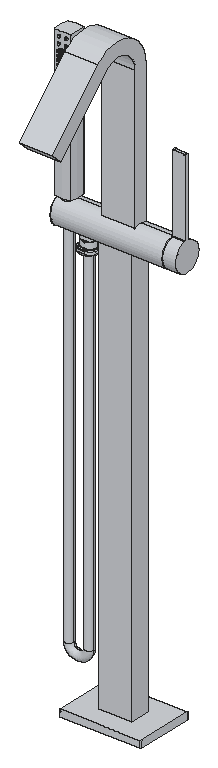
Revit family "Faucet-Bath_Filler-KOHLER-LOURE-K-8147T", category Plumbing Fixtures, host Face, Revit 2017
Family settings
  Host = Face
  Round Connector Dimension = Use Diameter
  Part Type = Normal
  OmniClass Number = 23.31.11.00
  OmniClass Title = Faucets
  Cut with Voids When Loaded = No
  Shared = No
  Room Calculation Point = No
Parameters (values of type "CP- Polished chrome")
  Width = 7 127/128"  # constant formula
  WaterSense Certified = 1 = 0  # no
  Waste Water Outlet = "Waste Water Outlet"  # constant formula
  Waste Connection = 1 = 0  # no
  Vent Connection = 1 = 0  # no
  URL = "http://www.kohler.com.cn/"
  Type = 1
  Spout Reach = Length  # 6 147/256"
  Product Page URL = "https://www.kohler.com.cn/product/K-8147T-C4-CP/K-8147T-C4-CP/"
  Product Name = "LOURE"  # constant formula
  Product Documentation Link = "https://files.kohler.com.cn/pdfs/1532353622299_8147T-C4-CP%20安装说明书.pdf"
  Pressure = 72.519 psi  # constant formula
  Model = if(Type = 1, "K-8147T-C4-CP", "NA")  # "K-8147T-C4-CP"
  Material = "Metal construction"  # constant formula
  Master Format 2014 Name = "Residential Faucets, Supplies, and Trim"  # constant formula
  Master Format 2014 = "22 41 39"  # constant formula
  Manufacturer Address = "Kohler Beijing Office (100016)\n36-2-03-B, No. 88, Liuxiang Road, Beijing"  # constant formula
  Manufacturer = "KOHLER Co."  # constant formula
  Length = 6 147/256"  # constant formula
  Hot Water Inlet = "Hot Water Inlet"  # constant formula
  Height = 39 115/256"  # constant formula
  Handle Clearance = 5 53/64"  # constant formula
  HW Connection = 1 = 1  # yes
  Flow Rate = 0 GPM
  Finish = Kohler-Metal-CP-Polished_Chrome
  Environmental Product Declaration = ""
  Drain Included = 1 = 0  # no
  Description = "Floor Bath Shower Faucet"  # constant formula
  Default Elevation = 0"
  Declare Label = ""
  Date Modified = "09/08/2020"  # constant formula
  Date Created = "09/08/2020"  # constant formula
  Copyright = "Copyright KOHLER Co."  # constant formula
  Contact Us = "http://www.kohler.com.cn/contact/contact-us/"
  Cold Water Inlet = "Cold Water Inlet"  # constant formula
  CW Connection = 1 = 1  # yes
  Assembly Code = "D2010"
  ADA Compliant = 1 = 0  # no
Reference planes (in)
  plane 1 "Center (Front/Back)": y = 0
  plane 2: z = 0
  plane 3 "Center (Left/Right)": x = 0
  plane 4: y = 1.87008
  plane 5: y = -1.87008
  plane 6: x = 2.57874
  plane 7: x = -2.57874
  plane 8: x = 3.99606
  plane 9: x = -3.99612
  plane 10: x = -3.95669
  plane 11: x = -3.44494
  plane 12: y = -6.57422
  plane 13: x = -2.89376
  plane 14: y = 0.55118
  plane 15: y = -0.55118
  plane 16: z = 27.52058
  plane 17: z = 33.3487
  plane 18: z = 37.90641
  plane 19: z = 28.45759
  plane 20: z = 39.44922
  plane 21: x = -2.16535
  plane 22: through (0, -6.88259, 34.63643) normal (0, 0.7071, -0.7071)
  plane 23: z = 34.94422
Dimensions and locks (in)
  "Width": plane 9 to plane 8
  locked: plane 15 to plane 14 at 1.10236
  equal spacing: plane 15, plane 1 "Center (Front/Back)", plane 14
  equal spacing: plane 5, plane 1 "Center (Front/Back)", plane 4
  locked: plane 5 to plane 4 at 3.74016
  locked: plane 9 to plane 13 at 1.10236
  equal spacing: plane 9, plane 11, plane 13
  "Handle Clearance": plane 17 to plane 16
  locked: plane 18 to plane 19 at 9.44882
  locked: plane 10 to plane 8 at 7.95276
  locked: nested 1 to plane 21 at 2.16535
  "Height": level to plane 20
  locked: level to plane 23 at 34.94422
  "Length": plane 1 "Center (Front/Back)" to plane 12
  angle plane 12 to plane 22 = 45.00°
  aligned and locked: plane 2 to host face
  aligned and locked: level to host face
  aligned and locked: plane 1 "Center (Front/Back)" to nested 1
  aligned and locked: plane 3 "Center (Left/Right)" to nested 1
  aligned and locked: plane 4 to nested 1
  aligned and locked: plane 5 to nested 1
  aligned and locked: plane 6 to nested 1
  aligned and locked: plane 7 to nested 1
  aligned and locked: plane 8 to nested 1
  aligned and locked: plane 9 to nested 1
  aligned and locked: plane 10 to nested 1
  aligned and locked: plane 11 to nested 1
  aligned and locked: plane 12 to nested 1
  aligned and locked: plane 13 to nested 1
  aligned and locked: plane 14 to nested 1
  aligned and locked: plane 15 to nested 1
  aligned and locked: plane 16 to nested 1
  aligned and locked: plane 17 to nested 1
  aligned and locked: plane 18 to nested 1
  aligned and locked: plane 19 to nested 1
  aligned and locked: plane 20 to nested 1
  aligned and locked: plane 21 to nested 1
  aligned and locked: plane 22 to nested 1
  aligned and locked: plane 23 to nested 1
Automatic sketch dimensions
  host sketch curve to host sketch curve = 96"  (x2)
Nested families (in)
  nested 1: "K-8147T" at (0, 0, 0), type "K-8147T"
Connectors (in)
  piping at (-0.50681, 0, 0), diameter 0.5, driven by "Pressure", driven by "Flow Rate", driven by "HW Connection", driven by "Hot Water Inlet"
    settings: on nested 1, index 1, connector inside diameter 24", connector length 0", flow factor 0, pipe flow 0 GPM, pressure drop 72.519 psi, fitting loss kfactor 0, connector angle 0.00°, fixture units 0, engagement length 0", angle of deflection 0.00°, flow configuration 0, flow direction 1, fitting loss method 4, system type 19, joint type 0, gender type 0, connector reference index -1, connector utility 1, adjustable connector no, is connector primary yes, connector description "Hot Water Inlet"
  piping at (0.50681, 0, 0), diameter 0.5, driven by "Flow Rate", driven by "Pressure", driven by "CW Connection", driven by "Cold Water Inlet"
    settings: on nested 1, index 2, connector inside diameter 24", connector length 0", flow factor 0, pipe flow 0 GPM, pressure drop 72.519 psi, fitting loss kfactor 0, connector angle 0.00°, fixture units 0, engagement length 0", angle of deflection 0.00°, flow configuration 0, flow direction 1, fitting loss method 4, system type 20, joint type 0, gender type 0, connector reference index -1, connector utility 1, adjustable connector no, is connector primary no, connector description "Cold Water Inlet"
Definition of nested family "K-8147T"
  Parameters (values of type "K-8147T")
    Material = none
  Reference planes (in)
    plane 1 "Center (Front/Back)": y = 0
    plane 2: z = 0
    plane 3 "Center (Left/Right)": x = 0
    plane 4: x = -2.57874
    plane 5: x = 2.57874
    plane 6: y = 1.87008
    plane 7: y = -1.87008
    plane 8: z = 39.44991
    plane 9: through (0, -6.24221, 35.27681) normal (0, -0.7071, 0.7071)
    plane 10: z = 34.94422
    plane 11: z = 27.52058
    plane 12: y = -6.5748
    plane 13: z = 28.45759
    plane 14: z = 37.90641
    plane 15: y = 0.55118
    plane 16: y = -0.55118
    plane 17 "1": x = -3.44488
    plane 18: z = 33.34735
    plane 19: x = -2.16535
    plane 20: x = 3.99606
    plane 21: x = -3.95669
    plane 22: through (0, -6.5748, 34.94422) normal (0, 0.7071, 0.7071)
    plane 23: x = -3.99606
    plane 24: x = -2.8937
    plane 25: x = 3.99606
    plane 26: x = 2.8937
  Forms (in)
    SweptBlend 1, solid, material <- "Material", detail levels medium+fine
      path origin (0, 0, 0) x (1, 0, 0) y (0, 0, 1)
        loop
          line (0, 0) -> (0, 0.43307)
      profile origin (0, 0, 0) x (-1, 0, 0) y (0, -1, 0)
        loop
          line (2.53937, 1.87008) -> (-2.53937, 1.87008)
          arc (-2.53937, 1.87008) -> (-2.56721, 1.85855) -> (-2.57874, 1.83071) r 0.03937
          line (-2.57874, 1.83071) -> (-2.57874, -1.83071)
          arc (-2.57874, -1.83071) -> (-2.56721, -1.85855) -> (-2.53937, -1.87008) r 0.03937
          line (-2.53937, -1.87008) -> (2.53937, -1.87008)
          arc (2.53937, -1.87008) -> (2.56721, -1.85855) -> (2.57874, -1.83071) r 0.03937
          line (2.57874, -1.83071) -> (2.57874, 1.83071)
          arc (2.57874, 1.83071) -> (2.56721, 1.85855) -> (2.53937, 1.87008) r 0.03937
      end profile origin (0, 0, 0.43307) x (-1, 0, 0) y (0, -1, 0)
        loop
          arc (2.56006, 1.81203) -> (2.54853, 1.83987) -> (2.52069, 1.8514) r 0.03937
          line (2.52069, 1.8514) -> (-2.52069, 1.8514)
          arc (-2.52069, 1.8514) -> (-2.54853, 1.83987) -> (-2.56006, 1.81203) r 0.03937
          line (-2.56006, 1.81203) -> (-2.56006, -1.81203)
          arc (-2.56006, -1.81203) -> (-2.54853, -1.83987) -> (-2.52069, -1.8514) r 0.03937
          line (-2.52069, -1.8514) -> (2.52069, -1.8514)
          arc (2.52069, -1.8514) -> (2.54853, -1.83987) -> (2.56006, -1.81203) r 0.03937
          line (2.56006, -1.81203) -> (2.56006, 1.81203)
    Sweep 2, solid, material <- "Material"
      path origin (0, 0, 0) x (0, 1, 0) y (0, 0, 1)
        loop
          line (0.43307, 27.52058) -> (0.43307, 37.24736)
          arc (0.43307, 37.24736) -> (-0.92733, 39.28336) -> (-3.32895, 38.80564) r 2.20374
          line (-3.32895, 38.80564) -> (-6.88259, 35.252)
      profile origin (0, 0.43307, 32.38397) x (0, -1, 0) y (1, 0, 0)
        loop
          line (0, -1.04331) -> (0.86614, -1.04331) -> (0.86614, 1.04331) -> (0, 1.04331) -> (0, -1.04331)
    Extrusion 3, solid, material <- "Material"
      sketch origin (0, 0, 0) x (0, 1, 0) y (0, 0, 1)
        loop
          line (0.62992, 0.43307) -> (0.62992, 26.93712) -> (-0.62992, 26.93712) -> (-0.62992, 0.43307) -> (0.62992, 0.43307)
      from -1.04331 to 1.04331
    Revolve 4, solid, material <- "Material", detail levels medium+fine
      sketch origin (0, 0, 0) x (1, 0, 0) y (0, 0, 1)
        loop
          line (3.19927, 27.52058) -> (3.19927, 28.39489) -> (3.14961, 28.39489) -> (3.14961, 28.42609) -> (-3.89764, 28.42609)
          arc (-3.89764, 28.42609) -> (-3.9394, 28.40879) -> (-3.95669, 28.36704) r 0.05906
          line (-3.95669, 28.36704) -> (-3.95669, 27.52058) -> (3.19927, 27.52058)
        axis (3.19927, 27.52058) -> (-3.95669, 27.52058)
      angle from 0 to 360
    Extrusion 5, solid, material <- "Material", detail levels medium+fine
      sketch origin (0, 0, 0) x (0, 1, 0) y (0, 0, 1)
        loop
          arc (-0.13205, 28.41643) -> (0, 26.61505) -> (0.13205, 28.41643) r 0.90553
          arc (0.13205, 28.41643) -> (0.108, 28.42965) -> (0.09843, 28.45537) r 0.03937
          line (0.09843, 28.45537) -> (0.09843, 33.32767)
          arc (0.09843, 33.32767) -> (0.09266, 33.34159) -> (0.07874, 33.34735) r 0.01969
          line (0.07874, 33.34735) -> (-0.07874, 33.34735)
          arc (-0.07874, 33.34735) -> (-0.09266, 33.34159) -> (-0.09843, 33.32767) r 0.01969
          line (-0.09843, 33.32767) -> (-0.09843, 28.45537)
          arc (-0.09843, 28.45537) -> (-0.108, 28.42965) -> (-0.13205, 28.41643) r 0.03937
      from 3.16929 to 3.99606
    Extrusion 6, void
      sketch origin (0, 0, 0) x (1, 0, 0) y (0, 1, 0)
        loop
          line (-3.73195, 0.31496) -> (-4.04335, 0.31496) -> (-4.04335, -0.31496) -> (-3.73182, -0.31496)
          arc (-3.73182, -0.31496) -> (-3.71015, -0.31908) -> (-3.69151, -0.33085) r 0.05906
          arc (-3.69151, -0.33085) -> (-2.92975, 0.00014) -> (-3.69163, 0.33087) r 0.45276
          arc (-3.69163, 0.33087) -> (-3.71027, 0.31908) -> (-3.73195, 0.31496) r 0.05906
      from 26.48908 to 28.67082
    Revolve 7, solid, material <- "Material", detail levels medium+fine
      sketch origin (0, 0, 0) x (1, 0, 0) y (0, 0, 1)
        loop
          line (-2.66929, 26.43331) -> (-2.66929, 26.09079)
          arc (-2.66929, 26.09079) -> (-2.67602, 26.06877) -> (-2.69391, 26.05428) r 0.03937
          line (-2.69391, 26.05428) -> (-2.77651, 26.02091)
          arc (-2.77651, 26.02091) -> (-2.7944, 26.00643) -> (-2.80113, 25.98441) r 0.03937
          line (-2.80113, 25.98441) -> (-2.80113, 25.8152)
          arc (-2.80113, 25.8152) -> (-2.7896, 25.78736) -> (-2.76176, 25.77583) r 0.03937
          line (-2.76176, 25.77583) -> (-2.16535, 25.77583) -> (-2.16535, 26.83242) -> (-2.66929, 26.83242) -> (-2.66929, 26.50877) -> (-2.64498, 26.48908) -> (-2.60438, 26.48908) -> (-2.60438, 26.43331) -> (-2.66929, 26.43331)
        axis (-2.16535, 26.83242) -> (-2.16535, 25.77583)
      angle from 0 to 360
    Extrusion 8, solid, material <- "Material", detail levels medium+fine
      sketch origin (0, 0, 0) x (1, 0, 0) y (0, 1, 0)
        loop
          arc (-3.93341, 0.51516) -> (-3.95106, 0.50628) -> (-3.95995, 0.48863) r 0.0315
          arc (-3.95995, 0.48863) -> (-3.99606, 0) -> (-3.95994, -0.48863) r 3.32324
          arc (-3.95994, -0.48863) -> (-3.95105, -0.50628) -> (-3.93341, -0.51516) r 0.0315
          arc (-3.93341, -0.51516) -> (-3.44488, -0.55118) -> (-2.95635, -0.51513) r 3.32924
          arc (-2.95635, -0.51513) -> (-2.9387, -0.50625) -> (-2.92982, -0.4886) r 0.0315
          arc (-2.92982, -0.4886) -> (-2.8937, 0) -> (-2.92981, 0.4886) r 3.32324
          arc (-2.92981, 0.4886) -> (-2.9387, 0.50625) -> (-2.95634, 0.51513) r 0.0315
          arc (-2.95634, 0.51513) -> (-3.44488, 0.55118) -> (-3.93341, 0.51516) r 3.32924
      from 28.45759 to 37.90641
    Revolve 9, solid, material <- "Material", detail levels medium+fine
      sketch origin (-3.44488, 0, 0) x (0, 0, 1) y (0, 1, 0)
        loop
          line (28.45759, 0.42076) -> (28.42019, 0.42076) -> (28.42019, 0.45275) -> (27.26738, 0.40464)
          arc (27.26738, 0.40464) -> (27.2473, 0.39558) -> (27.23908, 0.37514) r 0.02953
          line (27.23908, 0.37514) -> (27.23908, 0.29527) -> (27.19578, 0.29527) -> (27.19578, 0) -> (28.45759, 0) -> (28.45759, 0.42076)
        axis (28.45759, 0) -> (27.19578, 0)
      angle from 0 to 360
    Sweep 10, solid, material <- "Material"
      path origin (0, 0, 0) x (1, 0, 0) y (0, 0, 1)
        loop
          line (-2.16535, 25.77583) -> (-2.16535, 3.1969)
          arc (-2.16535, 3.1969) -> (-2.80512, 2.55713) -> (-3.44488, 3.1969) r 0.63976
          line (-3.44488, 3.1969) -> (-3.44488, 27.40476)
      profile origin (-2.16535, 0, 14.48636) x (0, -1, 0) y (1, 0, 0)
        loop
          circle (0, 0) r 0.27559
    Revolve 11, solid, material <- "Material", detail levels medium+fine
      sketch origin (-3.44488, 0, 0) x (0, 0, 1) y (0, 1, 0)
        loop
          line (33.11677, -0.65356) -> (33.37132, -0.65356)
          arc (33.37132, -0.65356) -> (33.38588, -0.6476) -> (33.3921, -0.63314) r 0.02078
          line (33.3921, -0.63314) -> (33.39417, -0.514) -> (33.11677, -0.514) -> (33.11677, -0.65356)
        axis (33.11677, -0.514) -> (33.11677, -0.65356)
      angle from 0 to 360
    Extrusion 12, void
      sketch origin (0, 0, 0) x (1, 0, 0) y (0, 0, 1)
        loop
          circle (-3.44488, 32.33078) r 0.30043
        loop
          circle (-3.44488, 32.33078) r 0.26575
      from 0.48414 to 0.57867
    Extrusion 13, solid, detail levels medium+fine
      sketch origin (0, 0, 0) x (1, 0, 0) y (0, 0, 1)
        loop
          line (-3.59055, 37.53042) -> (-3.59055, 37.58554)
          arc (-3.59055, 37.58554) -> (-3.72497, 37.64122) -> (-3.66929, 37.5068) r 0.07874
          line (-3.66929, 37.5068) -> (-3.61417, 37.5068)
          arc (-3.61417, 37.5068) -> (-3.59747, 37.51372) -> (-3.59055, 37.53042) r 0.02362
        loop
          line (-3.61417, 37.21546) -> (-3.66929, 37.21546)
          arc (-3.66929, 37.21546) -> (-3.72497, 37.08104) -> (-3.59055, 37.13672) r 0.07874
          line (-3.59055, 37.13672) -> (-3.59055, 37.19184)
          arc (-3.59055, 37.19184) -> (-3.59747, 37.20854) -> (-3.61417, 37.21546) r 0.02362
        loop
          arc (-3.29921, 37.53042) -> (-3.29229, 37.51372) -> (-3.27559, 37.5068) r 0.02362
          line (-3.27559, 37.5068) -> (-3.22047, 37.5068)
          arc (-3.22047, 37.5068) -> (-3.16479, 37.64122) -> (-3.29921, 37.58554) r 0.07874
          line (-3.29921, 37.58554) -> (-3.29921, 37.53042)
        loop
          arc (-3.27559, 37.21546) -> (-3.29229, 37.20854) -> (-3.29921, 37.19184) r 0.02362
          line (-3.29921, 37.19184) -> (-3.29921, 37.13672)
          arc (-3.29921, 37.13672) -> (-3.16479, 37.08104) -> (-3.22047, 37.21546) r 0.07874
          line (-3.22047, 37.21546) -> (-3.27559, 37.21546)
        loop
          circle (-3.22047, 37.58554) r 0.03937
        loop
          circle (-3.66929, 37.58554) r 0.03937
        loop
          circle (-3.22047, 37.13672) r 0.03937
        loop
          circle (-3.66929, 37.13672) r 0.03937
      from 0.51682 to 0.55984
    Extrusion 14, solid, detail levels medium+fine
      sketch origin (0, 0, 0) x (1, 0, 0) y (0, 0, 1)
        loop
          circle (-3.32813, 36.86687) r 0.05906
        loop
          circle (-3.32813, 36.86687) r 0.02559
        loop
          circle (-3.2025, 36.7456) r 0.05906
        loop
          circle (-3.2025, 36.7456) r 0.02559
        loop
          circle (-3.44488, 36.74595) r 0.05906
        loop
          circle (-3.44488, 36.74595) r 0.02559
        loop
          circle (-3.56163, 36.86687) r 0.05906
        loop
          circle (-3.56163, 36.86687) r 0.02559
        loop
          circle (-3.68726, 36.7456) r 0.05906
        loop
          circle (-3.68726, 36.7456) r 0.02559
        loop
          circle (-3.32813, 36.61485) r 0.05906
        loop
          circle (-3.32813, 36.61485) r 0.02559
        loop
          circle (-3.2025, 36.49358) r 0.05906
        loop
          circle (-3.2025, 36.49358) r 0.02559
        loop
          circle (-3.44488, 36.49393) r 0.05906
        loop
          circle (-3.44488, 36.49393) r 0.02559
        loop
          circle (-3.56163, 36.61485) r 0.05906
        loop
          circle (-3.56163, 36.61485) r 0.02559
        loop
          circle (-3.68726, 36.49358) r 0.05906
        loop
          circle (-3.68726, 36.49358) r 0.02559
        loop
          circle (-3.32813, 36.35893) r 0.05906
        loop
          circle (-3.32813, 36.35893) r 0.02559
        loop
          circle (-3.2025, 36.23766) r 0.05906
        loop
          circle (-3.2025, 36.23766) r 0.02559
        loop
          circle (-3.44488, 36.23801) r 0.05906
        loop
          circle (-3.44488, 36.23801) r 0.02559
        loop
          circle (-3.56163, 36.35893) r 0.05906
        loop
          circle (-3.56163, 36.35893) r 0.02559
        loop
          circle (-3.68726, 36.23766) r 0.05906
        loop
          circle (-3.68726, 36.23766) r 0.02559
        loop
          circle (-3.32813, 36.10311) r 0.05906
        loop
          circle (-3.32813, 36.10311) r 0.02559
        loop
          circle (-3.2025, 35.98184) r 0.05906
        loop
          circle (-3.2025, 35.98184) r 0.02559
        loop
          circle (-3.44488, 35.98219) r 0.05906
        loop
          circle (-3.44488, 35.98219) r 0.02559
        loop
          circle (-3.56163, 36.10311) r 0.05906
        loop
          circle (-3.56163, 36.10311) r 0.02559
        loop
          circle (-3.68726, 35.98184) r 0.05906
        loop
          circle (-3.68726, 35.98184) r 0.02559
        loop
          circle (-3.32813, 35.84778) r 0.05906
        loop
          circle (-3.32813, 35.84778) r 0.02559
        loop
          circle (-3.2025, 35.72651) r 0.05906
        loop
          circle (-3.2025, 35.72651) r 0.02559
        loop
          circle (-3.44488, 35.72687) r 0.05906
        loop
          circle (-3.44488, 35.72687) r 0.02559
        loop
          circle (-3.56163, 35.84778) r 0.05906
        loop
          circle (-3.56163, 35.84778) r 0.02559
        loop
          circle (-3.68726, 35.72651) r 0.05906
        loop
          circle (-3.68726, 35.72651) r 0.02559
        loop
          circle (-3.32813, 35.59163) r 0.05906
        loop
          circle (-3.32813, 35.59163) r 0.02559
        loop
          circle (-3.2025, 35.47036) r 0.05906
        loop
          circle (-3.2025, 35.47036) r 0.02559
        loop
          circle (-3.44488, 35.47072) r 0.05906
        loop
          circle (-3.44488, 35.47072) r 0.02559
        loop
          circle (-3.56163, 35.59163) r 0.05906
        loop
          circle (-3.56163, 35.59163) r 0.02559
        loop
          circle (-3.68726, 35.47036) r 0.05906
        loop
          circle (-3.68726, 35.47036) r 0.02559
        loop
          circle (-3.32813, 35.33488) r 0.05906
        loop
          circle (-3.32813, 35.33488) r 0.02559
        loop
          circle (-3.2025, 35.21362) r 0.05906
        loop
          circle (-3.2025, 35.21362) r 0.02559
        loop
          circle (-3.44488, 35.21397) r 0.05906
        loop
          circle (-3.44488, 35.21397) r 0.02559
        loop
          circle (-3.56163, 35.33488) r 0.05906
        loop
          circle (-3.56163, 35.33488) r 0.02559
        loop
          circle (-3.68726, 35.21362) r 0.05906
        loop
          circle (-3.68726, 35.21362) r 0.02559
        loop
          circle (-3.32813, 35.07656) r 0.05906
        loop
          circle (-3.32813, 35.07656) r 0.02559
        loop
          circle (-3.2025, 34.9553) r 0.05906
        loop
          circle (-3.2025, 34.9553) r 0.02559
        loop
          circle (-3.44488, 34.95565) r 0.05906
        loop
          circle (-3.44488, 34.95565) r 0.02559
        loop
          circle (-3.56163, 35.07656) r 0.05906
        loop
          circle (-3.56163, 35.07656) r 0.02559
        loop
          circle (-3.68726, 34.9553) r 0.05906
        loop
          circle (-3.68726, 34.9553) r 0.02559
        loop
          circle (-3.32813, 34.81975) r 0.05906
        loop
          circle (-3.32813, 34.81975) r 0.02559
        loop
          circle (-3.2025, 34.69848) r 0.05906
        loop
          circle (-3.2025, 34.69848) r 0.02559
        loop
          circle (-3.44488, 34.69883) r 0.05906
        loop
          circle (-3.44488, 34.69883) r 0.02559
        loop
          circle (-3.56163, 34.81975) r 0.05906
        loop
          circle (-3.56163, 34.81975) r 0.02559
        loop
          circle (-3.68726, 34.69848) r 0.05906
        loop
          circle (-3.68726, 34.69848) r 0.02559
        loop
          circle (-3.32813, 34.5638) r 0.05906
        loop
          circle (-3.32813, 34.5638) r 0.02559
        loop
          circle (-3.2025, 34.44253) r 0.05906
        loop
          circle (-3.2025, 34.44253) r 0.02559
        loop
          circle (-3.44488, 34.44289) r 0.05906
        loop
          circle (-3.44488, 34.44289) r 0.02559
        loop
          circle (-3.56163, 34.5638) r 0.05906
        loop
          circle (-3.56163, 34.5638) r 0.02559
        loop
          circle (-3.68726, 34.44253) r 0.05906
        loop
          circle (-3.68726, 34.44253) r 0.02559
        loop
          circle (-3.32813, 34.30959) r 0.05906
        loop
          circle (-3.32813, 34.30959) r 0.02559
        loop
          circle (-3.2025, 34.18833) r 0.05906
        loop
          circle (-3.2025, 34.18833) r 0.02559
        loop
          circle (-3.44488, 34.18868) r 0.05906
        loop
          circle (-3.44488, 34.18868) r 0.02559
        loop
          circle (-3.56163, 34.30959) r 0.05906
        loop
          circle (-3.56163, 34.30959) r 0.02559
        loop
          circle (-3.68726, 34.18833) r 0.05906
        loop
          circle (-3.68726, 34.18833) r 0.02559
        loop
          circle (-3.32086, 34.06101) r 0.05906
        loop
          circle (-3.32086, 34.06101) r 0.02559
        loop
          circle (-3.56891, 34.06101) r 0.05906
        loop
          circle (-3.56891, 34.06101) r 0.02559
      from 0.48414 to 0.60421
    Extrusion 15, solid, material <- "Material", detail levels coarse
      sketch origin (0, 0, 0) x (1, 0, 0) y (0, 1, 0)
        loop
          line (-2.57874, 1.87008) -> (-2.57874, -1.87008) -> (2.57874, -1.87008) -> (2.57874, 1.87008) -> (-2.57874, 1.87008)
      from 0 to 0.43307
    Revolve 16, solid, material <- "Material", detail levels coarse
      sketch origin (0, 0, 0) x (1, 0, 0) y (0, 0, 1)
        loop
          line (3.99606, 26.61505) -> (3.99606, 27.52058) -> (-3.95669, 27.52058) -> (-3.95669, 26.61505) -> (3.99606, 26.61505)
        axis (3.99606, 27.52058) -> (-3.95669, 27.52058)
      angle from 0 to 360
    Extrusion 17, solid, material <- "Material", detail levels coarse
      sketch origin (0, 0, 0) x (0, 1, 0) y (0, 0, 1)
        loop
          line (-0.09843, 33.34735) -> (-0.09843, 28.39202) -> (0.09843, 28.39202) -> (0.09843, 33.34735) -> (-0.09843, 33.34735)
      from 3.16929 to 3.99606
    Revolve 18, solid, material <- "Material", detail levels coarse
      sketch origin (0, 0, 0) x (1, 0, 0) y (0, 0, 1)
        loop
          line (-2.16535, 26.78146) -> (-2.16535, 25.77701) -> (-1.52723, 25.77701) -> (-1.52723, 26.78146) -> (-2.16535, 26.78146)
        axis (-2.16535, 25.77701) -> (-2.16535, 26.78146)
      angle from 0 to 360
    Extrusion 19, solid, material <- "Material", detail levels coarse
      sketch origin (0, 0, 0) x (1, 0, 0) y (0, 1, 0)
        loop
          circle (-3.44488, 0) r 0.43307
      from 27.19578 to 28.45759
    Extrusion 20, solid, material <- "Material", detail levels coarse
      sketch origin (0, 0, 0) x (1, 0, 0) y (0, 1, 0)
        loop
          line (-3.99606, 0.55118) -> (-3.99606, -0.55118) -> (-2.8937, -0.55118) -> (-2.8937, 0.55118) -> (-3.99606, 0.55118)
      from 28.45759 to 37.90641
    Extrusion 21, solid, material <- "Material", detail levels coarse
      sketch origin (0, 0, 0) x (1, 0, 0) y (0, 0, 1)
        loop
          spline (-3.44488, 33.39353) -> (-3.51693, 33.38396) -> (-3.58324, 33.35644) -> (-3.64076, 33.31234) -> (-3.68459, 33.25537) -> (-3.7124, 33.18821) -> (-3.72176, 33.11681) -> (-3.71234, 33.04508) -> (-3.68468, 32.97829) -> (-3.64059, 32.92101) -> (-3.58325, 32.87712) -> (-3.51684, 32.84949) -> (-3.44488, 32.84)
          spline (-3.44488, 32.84) -> (-3.37284, 32.84957) -> (-3.30659, 32.87704) -> (-3.24908, 32.92112) -> (-3.20519, 32.97814) -> (-3.17738, 33.04526) -> (-3.16801, 33.11665) -> (-3.17741, 33.18839) -> (-3.20507, 33.25522) -> (-3.24909, 33.31245) -> (-3.30645, 33.35636) -> (-3.37284, 33.38399) -> (-3.44488, 33.39353)
      from 0.55118 to 0.65431
    Extrusion 22, solid, material <- "Material"
      sketch origin (0, 0, 0) x (1, 0, 0) y (0, 1, 0)
        loop
          circle (-0.50681, 0) r 0.15748
        loop
          circle (0.50681, 0) r 0.15748
      from 0 to 0.31734
  Cuts and joins
    Extrusion 6 cuts Revolve 4
    joined: SweptBlend 1, Revolve 4, Extrusion 5, Revolve 7
    joined: Extrusion 13, Extrusion 14
    joined: Sweep 2, Extrusion 3, Sweep 10
    Extrusion 12 cuts Extrusion 8
    joined: Extrusion 8, Revolve 11
    Extrusion 6 cuts Revolve 16
    joined: Extrusion 15, Revolve 16, Extrusion 17, Revolve 18, Extrusion 19, Extrusion 20, Extrusion 21
  Lines and regions (in)
    Masking region 1
      outline origin (0, 0, 0) x (1, 0, 0) y (0, 1, 0)
        loop
          arc (2.57874, 1.83071) -> (2.56721, 1.85855) -> (2.53937, 1.87008) r 0.03937
          line (2.53937, 1.87008) -> (0, 1.87008) -> (-2.53937, 1.87008)
          arc (-2.53937, 1.87008) -> (-2.56721, 1.85855) -> (-2.57874, 1.83071) r 0.03937
          line (-2.57874, 1.83071) -> (-2.57874, 0.90551) -> (-3.93583, 0.90551)
          arc (-3.93583, 0.90551) -> (-3.95058, 0.8994) -> (-3.95669, 0.88465) r 0.02087
          line (-3.95669, 0.88465) -> (-3.95669, 0.51004)
          arc (-3.95669, 0.51004) -> (-3.99606, 0.00002) -> (-3.95669, -0.51) r 3.32324
          line (-3.95669, -0.51) -> (-3.95669, -0.88465)
          arc (-3.95669, -0.88465) -> (-3.95058, -0.8994) -> (-3.93583, -0.90551) r 0.02087
          line (-3.93583, -0.90551) -> (-2.57874, -0.90551) -> (-2.57874, -1.83071)
          arc (-2.57874, -1.83071) -> (-2.56721, -1.85855) -> (-2.53937, -1.87008) r 0.03937
          line (-2.53937, -1.87008) -> (-1.04331, -1.87008) -> (-1.04331, -6.88259) -> (1.04331, -6.88259) -> (1.04331, -1.87008) -> (2.53937, -1.87008)
          arc (2.53937, -1.87008) -> (2.56721, -1.85855) -> (2.57874, -1.83071) r 0.03937
          line (2.57874, -1.83071) -> (2.57874, -0.90551) -> (3.14961, -0.90551) -> (3.16929, -0.87431) -> (3.16929, -0.90553) -> (3.9752, -0.90553)
          arc (3.9752, -0.90553) -> (3.98995, -0.89942) -> (3.99606, -0.88466) r 0.02087
          line (3.99606, -0.88466) -> (3.99606, 0) -> (3.99606, 0.88466)
          arc (3.99606, 0.88466) -> (3.98995, 0.89942) -> (3.9752, 0.90553) r 0.02087
          line (3.9752, 0.90553) -> (3.16929, 0.90553) -> (3.16929, 0.87431) -> (3.14961, 0.90551) -> (2.57874, 0.90551) -> (2.57874, 1.83071)
    Masking region 2
      outline origin (0, 0, 0) x (1, 0, 0) y (0, 0, 1)
        loop
          line (1.04331, 28.42609) -> (1.04331, 39.4511) -> (-1.04331, 39.4511) -> (-1.04331, 28.42609) -> (-3.02412, 28.42609) -> (-3.02412, 28.45759) -> (-2.8937, 28.45759) -> (-2.8937, 37.90641) -> (-3.99606, 37.90641) -> (-3.99606, 28.45759) -> (-3.86557, 28.45759) -> (-3.86557, 28.42019) -> (-3.89763, 28.42019) -> (-3.89578, 28.36717)
          arc (-3.89578, 28.36717) -> (-3.93885, 28.34933) -> (-3.95669, 28.30626) r 0.06091
          line (-3.95669, 28.30626) -> (-3.95669, 26.7349)
          arc (-3.95669, 26.7349) -> (-3.94134, 26.69221) -> (-3.90101, 26.67161) r 0.0612
          line (-3.90101, 26.67161) -> (-3.72047, 26.67161) -> (-3.72047, 3.19659)
          arc (-3.72047, 3.19659) -> (-2.80512, 2.28124) -> (-1.88976, 3.19659) r 0.91535
          line (-1.88976, 3.19659) -> (-1.88976, 25.77583) -> (-1.56894, 25.77583)
          arc (-1.56894, 25.77583) -> (-1.5411, 25.78736) -> (-1.52957, 25.8152) r 0.03937
          line (-1.52957, 25.8152) -> (-1.52957, 25.98441)
          arc (-1.52957, 25.98441) -> (-1.5363, 26.00642) -> (-1.5542, 26.02091) r 0.03937
          line (-1.5542, 26.02091) -> (-1.6368, 26.05428)
          arc (-1.6368, 26.05428) -> (-1.65469, 26.06877) -> (-1.66142, 26.09079) r 0.03937
          line (-1.66142, 26.09079) -> (-1.66142, 26.43331) -> (-1.72632, 26.43331) -> (-1.72632, 26.48908) -> (-1.68573, 26.48908) -> (-1.66142, 26.50877) -> (-1.66142, 26.61507) -> (-1.04331, 26.61507) -> (-1.04331, 0.43307) -> (-2.52235, 0.43307)
          arc (-2.52235, 0.43307) -> (-2.54958, 0.42213) -> (-2.56168, 0.3954) r 0.03937
          line (-2.56168, 0.3954) -> (-2.57874, 0) -> (2.57874, 0) -> (2.56168, 0.3954)
          arc (2.56168, 0.3954) -> (2.54958, 0.42213) -> (2.52235, 0.43307) r 0.03937
          line (2.52235, 0.43307) -> (1.04331, 0.43307) -> (1.04331, 26.61507) -> (3.14961, 26.61507) -> (3.16929, 26.64627) -> (3.16929, 26.61505) -> (3.5152, 26.61505)
          arc (3.5152, 26.61505) -> (3.59073, 26.5786) -> (3.66626, 26.61505) r 0.09647
          line (3.66626, 26.61505) -> (3.97244, 26.61505)
          arc (3.97244, 26.61505) -> (3.98914, 26.62197) -> (3.99606, 26.63867) r 0.02362
          line (3.99606, 26.63867) -> (3.99606, 33.2883)
          arc (3.99606, 33.2883) -> (3.97877, 33.33005) -> (3.93701, 33.34735) r 0.05906
          line (3.93701, 33.34735) -> (3.22835, 33.34735)
          arc (3.22835, 33.34735) -> (3.18659, 33.33005) -> (3.16929, 33.2883) r 0.05906
          line (3.16929, 33.2883) -> (3.16929, 28.39489) -> (3.14961, 28.42609) -> (1.04331, 28.42609)
        loop
          line (-3.16929, 26.66955) -> (-3.16929, 3.19693)
          arc (-3.16929, 3.19693) -> (-2.80512, 2.83275) -> (-2.44094, 3.19693) r 0.36417
          line (-2.44094, 3.19693) -> (-2.44094, 25.77583) -> (-2.76177, 25.77583)
          arc (-2.76177, 25.77583) -> (-2.7896, 25.78736) -> (-2.80114, 25.8152) r 0.03937
          line (-2.80114, 25.8152) -> (-2.80114, 25.98441)
          arc (-2.80114, 25.98441) -> (-2.7944, 26.00642) -> (-2.77651, 26.02091) r 0.03937
          line (-2.77651, 26.02091) -> (-2.69391, 26.05428)
          arc (-2.69391, 26.05428) -> (-2.67602, 26.06877) -> (-2.66929, 26.09079) r 0.03937
          line (-2.66929, 26.09079) -> (-2.66929, 26.43331) -> (-2.60438, 26.43331) -> (-2.60438, 26.48908) -> (-2.64498, 26.48908) -> (-2.66929, 26.50877) -> (-2.66929, 26.61507) -> (-3.02986, 26.61507)
          arc (-3.02986, 26.61507) -> (-3.09865, 26.64467) -> (-3.16929, 26.66955) r 1.10494
    Masking region 3
      outline origin (-3.44488, 0, 0) x (0, 0, 1) y (0, 1, 0)
        loop
          line (35.252, -6.88259) -> (38.80564, -3.32895)
          arc (38.80564, -3.32895) -> (39.3875, -1.24502) -> (37.90641, 0.33222) r 2.20374
          line (37.90641, 0.33222) -> (37.90641, 0.55118) -> (28.45759, 0.55118) -> (28.45759, 0.42076) -> (28.42019, 0.42076) -> (28.42019, 0.45275) -> (28.30761, 0.44782)
          arc (28.30761, 0.44782) -> (27.63438, 0.89833) -> (26.87008, 0.62992) r 0.90551
          line (26.87008, 0.62992) -> (26.01715, 0.62992) -> (25.98441, 0.63578) -> (25.8152, 0.63578) -> (25.78416, 0.62992) -> (0.43307, 0.62992) -> (0.43307, 1.81369)
          arc (0.43307, 1.81369) -> (0.42213, 1.84092) -> (0.3954, 1.85302) r 0.03937
          line (0.3954, 1.85302) -> (0, 1.87008) -> (0, -1.87008) -> (0.3954, -1.85302)
          arc (0.3954, -1.85302) -> (0.42213, -1.84092) -> (0.43307, -1.81369) r 0.03937
          line (0.43307, -1.81369) -> (0.43307, -0.62992) -> (25.78479, -0.62992) -> (25.8152, -0.63578) -> (25.98441, -0.63578) -> (26.01607, -0.62992) -> (26.87008, -0.62992)
          arc (26.87008, -0.62992) -> (27.63438, -0.89833) -> (28.30761, -0.44782) r 0.90551
          line (28.30761, -0.44782) -> (28.42019, -0.45275) -> (28.42019, -0.42076) -> (28.45759, -0.42076) -> (28.45759, -0.55118) -> (32.84, -0.55118) -> (32.84143, -0.63307)
          arc (32.84143, -0.63307) -> (32.84767, -0.64758) -> (32.86228, -0.65356) r 0.02085
          line (32.86228, -0.65356) -> (33.37118, -0.65356)
          arc (33.37118, -0.65356) -> (33.38584, -0.64756) -> (33.3921, -0.633) r 0.02092
          line (33.3921, -0.633) -> (33.39353, -0.55118) -> (37.79693, -0.55118)
          arc (37.79693, -0.55118) -> (38.56311, -1.52988) -> (38.19319, -2.71649) r 1.3376
          line (38.19319, -2.71649) -> (34.63955, -6.27013) -> (35.252, -6.88259)
    symbolic lines, detail levels medium+fine
      curve 1: line (2.52069, 1.8514, 0) -> (0.03837, 1.8514, 0)
      curve 2: arc (-2.52069, 1.8514, 0) -> (-2.54853, 1.83987, 0) -> (-2.56006, 1.81203, 0) r 0.03937
      curve 3: line (-2.56006, 1.81203, 0) -> (-2.56006, 0.90551, 0)
      curve 4: line (-2.52069, -1.8514, 0) -> (-1.04331, -1.8514, 0)
      curve 5: line (0.03837, 1.8514, 0) -> (-2.52069, 1.8514, 0)
      curve 6: line (-2.56006, -0.90551, 0) -> (-2.56006, -1.81203, 0)
      curve 7: arc (-2.56006, -1.81203, 0) -> (-2.54853, -1.83987, 0) -> (-2.52069, -1.8514, 0) r 0.03937
      curve 8: line (-2.52159, -1.83501, 0) -> (-1.04331, -1.83501, 0)
      curve 9: arc (-2.5422, -1.81439, 0) -> (-2.53616, -1.82897, 0) -> (-2.52159, -1.83501, 0) r 0.02061
      curve 10: line (-2.5422, -0.90551, 0) -> (-2.5422, -1.81439, 0)
      curve 11: line (-2.54195, 1.81203, 0) -> (-2.54195, 0.90551, 0)
      curve 12: arc (-2.52069, 1.83329, 0) -> (-2.53572, 1.82706, 0) -> (-2.54195, 1.81203, 0) r 0.02126
      curve 13: line (-0.04735, 1.83329, 0) -> (-2.52069, 1.83329, 0)
      curve 14: arc (2.52069, 1.8514, 0) -> (2.54853, 1.83987, 0) -> (2.56006, 1.81203, 0) r 0.03937
      curve 15: line (2.56006, 1.81203, 0) -> (2.56006, 0.90551, 0)
      curve 16: line (2.52069, -1.8514, 0) -> (1.04331, -1.8514, 0)
      curve 17: line (2.56006, -0.90551, 0) -> (2.56006, -1.81203, 0)
      curve 18: arc (2.56006, -1.81203, 0) -> (2.54853, -1.83987, 0) -> (2.52069, -1.8514, 0) r 0.03937
      curve 19: line (2.52159, -1.83501, 0) -> (1.04331, -1.83501, 0)
      curve 20: arc (2.5422, -1.81439, 0) -> (2.53616, -1.82897, 0) -> (2.52159, -1.83501, 0) r 0.02061
      curve 21: line (2.5422, -0.90551, 0) -> (2.5422, -1.81439, 0)
      curve 22: line (2.54195, 1.81203, 0) -> (2.54195, 0.90551, 0)
      curve 23: arc (2.52069, 1.83329, 0) -> (2.53572, 1.82706, 0) -> (2.54195, 1.81203, 0) r 0.02126
      curve 24: line (-0.04735, 1.83329, 0) -> (2.52069, 1.83329, 0)
      curve 25: arc (-2.95634, 0.51513, 0) -> (-3.44488, 0.55118, 0) -> (-3.93341, 0.51516, 0) r 3.32924
      curve 26: arc (-3.95995, 0.48863, 0) -> (-3.99606, 0, 0) -> (-3.95994, -0.48863, 0) r 3.32324
      curve 27: arc (-3.93341, 0.51516, 0) -> (-3.95106, 0.50628, 0) -> (-3.95995, 0.48863, 0) r 0.0315
      curve 28: arc (-2.92981, 0.4886, 0) -> (-2.9387, 0.50625, 0) -> (-2.95634, 0.51513, 0) r 0.0315
      curve 29: arc (-2.92982, -0.4886, 0) -> (-2.8937, 0, 0) -> (-2.92981, 0.4886, 0) r 3.32324
      curve 30: arc (-2.95635, -0.51513, 0) -> (-2.9387, -0.50625, 0) -> (-2.92982, -0.4886, 0) r 0.0315
      curve 31: arc (-3.93341, -0.51516, 0) -> (-3.44488, -0.55118, 0) -> (-2.95635, -0.51513, 0) r 3.32924
      curve 32: arc (-3.95994, -0.48863, 0) -> (-3.95105, -0.50628, 0) -> (-3.93341, -0.51516, 0) r 0.0315
      curve 33: line (-3.74632, -0.60421, 0) -> (-3.14345, -0.60421, 0)
      curve 34: line (-3.74632, -0.56384, 0) -> (-3.59055, -0.56384, 0)
      curve 35: line (-3.59055, -0.548, 0) -> (-3.59055, -0.56384, 0)
      curve 36: line (-3.62796, -0.60421, 0) -> (-3.62796, -0.56384, 0)
      curve 37: line (-3.62821, -0.60421, 0) -> (-3.62821, -0.56384, 0)
      curve 38: line (-3.62069, -0.60421, 0) -> (-3.62069, -0.56384, 0)
      curve 39: line (-3.74632, -0.60421, 0) -> (-3.74632, -0.53752, 0)
      curve 40: line (-3.14345, -0.56384, 0) -> (-3.29921, -0.56384, 0)
      curve 41: line (-3.29921, -0.54799, 0) -> (-3.29921, -0.56384, 0)
      curve 42: line (-3.2618, -0.60421, 0) -> (-3.2618, -0.56384, 0)
      curve 43: line (-3.26156, -0.60421, 0) -> (-3.26156, -0.56384, 0)
      curve 44: line (-3.26908, -0.60421, 0) -> (-3.26908, -0.56384, 0)
      curve 45: line (-3.14345, -0.60421, 0) -> (-3.14345, -0.5375, 0)
      curve 46: line (-3.72072, -0.60421, 0) -> (-3.72072, -0.63497, 0)
      curve 47: line (-3.44488, -0.65356, 0) -> (-3.70213, -0.65356, 0)
      curve 48: arc (-3.72072, -0.63497, 0) -> (-3.71527, -0.64811, 0) -> (-3.70213, -0.65356, 0) r 0.01859
      curve 49: line (-3.16905, -0.60421, 0) -> (-3.16905, -0.6327, 0)
      curve 50: line (-3.44488, -0.65356, 0) -> (-3.1899, -0.65356, 0)
      curve 51: arc (-3.1899, -0.65356, 0) -> (-3.17516, -0.64745, 0) -> (-3.16905, -0.6327, 0) r 0.02085
      curve 52: line (3.14961, 0.90551, 0) -> (-2.75591, 0.90551, 0)
      curve 53: line (3.14961, -0.90551, 0) -> (1.04331, -0.90551, 0)
      curve 54: line (-1.04331, -0.90551, 0) -> (-2.69187, -0.90551, 0)
      curve 55: line (1.04331, -2.71649, 0) -> (1.04331, 0.43307, 0)
      curve 56: line (1.04331, 0.43307, 0) -> (-1.04331, 0.43307, 0)
      curve 57: line (-1.04331, 0.43307, 0) -> (-1.04331, -2.51968, 0)
      curve 58: line (3.14961, 0, 0) -> (3.14961, -0.90551, 0)
      curve 59: line (3.16929, 0.90553, 0) -> (3.16929, -0.90553, 0)
      curve 60: line (3.14961, 0.90551, 0) -> (3.14961, 0, 0)
      curve 61: line (3.16929, 0.09843, 0) -> (3.99788, 0.09843, 0)
      curve 62: line (3.99606, -0.09843, 0) -> (3.16929, -0.09843, 0)
      curve 63: line (3.9748, 0.90553, 0) -> (3.9748, 0.09843, 0)
      curve 64: line (3.19695, 0.09843, 0) -> (3.19695, -0.09843, 0)
      curve 65: line (3.96939, 0.09843, 0) -> (3.96939, -0.09843, 0)
      curve 66: line (3.9748, -0.09843, 0) -> (3.9748, -0.90552, 0)
      curve 67: line (-1.04331, 0, 0.43307) -> (1.04331, 0, 0.43307)
      curve 68: line (-2.52069, 0, 0.43307) -> (-2.53937, 0, 0)
      curve 69: line (-2.56168, 0, 0.3954) -> (0, 0, 0.3954)
      curve 70: line (2.52069, 0, 0.43307) -> (2.53937, 0, 0)
      curve 71: line (2.56168, 0, 0.3954) -> (0, 0, 0.3954)
      curve 72: line (1.04331, 0, 35.252) -> (-1.04331, 0, 35.252)
      curve 73: line (-1.04331, 0, 34.63955) -> (1.04331, 0, 34.63955)
      curve 74: line (-0.95998, 0, 35.18836) -> (0.96915, 0, 35.18836)
      curve 75: line (-0.97967, 0, 34.72325) -> (-0.97967, 0, 35.16867)
      curve 76: line (0.96915, 0, 34.70357) -> (-0.95998, 0, 34.70357)
      curve 77: line (0.98884, 0, 35.16867) -> (0.98884, 0, 34.72325)
      curve 78: arc (0.96915, 0, 35.18836) -> (0.98307, 0, 35.18259) -> (0.98884, 0, 35.16867) r 0.01969
      curve 79: arc (-0.97967, 0, 35.16867) -> (-0.9739, 0, 35.18259) -> (-0.95998, 0, 35.18836) r 0.01969
      curve 80: arc (-0.97967, 0, 34.72325) -> (-0.9739, 0, 34.70933) -> (-0.95998, 0, 34.70357) r 0.01969
      curve 81: arc (0.98884, 0, 34.72325) -> (0.98307, 0, 34.70933) -> (0.96915, 0, 34.70357) r 0.01969
      curve 82: line (-1.04331, 0, 28.31728) -> (1.04331, 0, 28.31728)
      curve 83: line (-1.04331, 0, 26.86391) -> (1.04331, 0, 26.86391)
      curve 84: line (1.04331, 0, 26.86391) -> (1.04331, 0, 26.59203)
      curve 85: line (-1.04331, 0, 26.86391) -> (-1.04331, 0, 26.37545)
      curve 86: line (-1.04331, 0, 28.31728) -> (-1.04331, 0, 28.6031)
      curve 87: line (1.04331, 0, 28.31728) -> (1.04331, 0, 28.71098)
      curve 88: line (3.16929, 0, 28.41643) -> (3.99606, 0, 28.41643)
      curve 89: line (3.16929, 0, 28.45537) -> (4.00093, 0, 28.45537)
      curve 90: line (3.16929, 0, 33.34735) -> (3.16929, 0, 26.61505)
      curve 91: line (3.14961, 0, 28.42609) -> (3.14961, 0, 26.61507)
      curve 92: line (-1.66142, 0, 26.61507) -> (-2.66929, 0, 26.61507)
      curve 93: line (-2.64498, 0, 26.48908) -> (-1.68573, 0, 26.48908)
      curve 94: line (-1.66142, 0, 26.50877) -> (-2.66929, 0, 26.50877)
      curve 95: line (-2.66929, 0, 26.43331) -> (-1.66142, 0, 26.43331)
      curve 96: line (-2.66929, 0, 26.09637) -> (-1.66142, 0, 26.09637)
      curve 97: line (-2.69392, 0, 26.05428) -> (-1.6368, 0, 26.05428)
      curve 98: line (-2.77651, 0, 26.02091) -> (-1.5542, 0, 26.02091)
      curve 99: line (-2.80114, 0, 25.98441) -> (-1.52957, 0, 25.98441)
      curve 100: line (-2.80114, 0, 25.8152) -> (-1.52957, 0, 25.8152)
      curve 101: line (-2.44094, 0, 25.77583) -> (-1.88976, 0, 25.77583)
      curve 102: line (-3.69575, 0, 26.67627) -> (-3.02986, 0, 26.61507)
      curve 103: line (-3.90101, 0, 26.67161) -> (-3.72047, 0, 26.67161)
      curve 104: spline (-3.73134, 0, 26.67161) -> (-3.72812, 0, 26.67165) -> (-3.72491, 0, 26.67177) -> (-3.72172, 0, 26.67194) -> (-3.71857, 0, 26.67218) -> (-3.71546, 0, 26.67248) -> (-3.71241, 0, 26.67285) -> (-3.70942, 0, 26.67328) -> (-3.7065, 0, 26.67376) -> (-3.70366, 0, 26.67431) -> (-3.70092, 0, 26.67491) -> (-3.69828, 0, 26.67557) -> (-3.69575, 0, 26.67627)
      curve 105: line (3.97244, 0, 26.61505) -> (3.97244, 0, 33.33554)
      curve 106: line (-3.90101, 0, 26.67161) -> (-3.90101, 0, 28.36955)
      curve 107: line (-3.73182, 0, 28.36955) -> (-3.90101, 0, 28.36955)
      curve 108: line (-3.89763, 0, 28.42019) -> (-3.44488, 0, 28.42019)
      curve 109: line (-3.44488, 0, 28.42019) -> (-2.99697, 0, 28.42019)
      curve 110: arc (-3.73182, 0, 28.36955) -> (-3.35288, 0, 28.32878) -> (-2.98437, 0, 28.42603) r 1.04943
      curve 111: line (-3.99606, 0, 28.45759) -> (-2.8937, 0, 28.45759)
      curve 112: arc (3.5152, 0, 26.61505) -> (3.59073, 0, 26.62683) -> (3.66626, 0, 26.61505) r 0.24804
      curve 113: line (-3.93341, 0, 37.90641) -> (-3.93341, 0, 28.45759)
      curve 114: line (-3.95995, 0, 37.90641) -> (-3.95995, 0, 28.45759)
      curve 115: line (-2.95636, 0, 37.90641) -> (-2.95636, 0, 28.45759)
      curve 116: line (-2.92982, 0, 37.90641) -> (-2.92982, 0, 28.45759)
      curve 117: line (-3.02442, 0, 28.42019) -> (-3.02442, 0, 28.45759)
      curve 232: arc (-3.59055, 0, 37.58554) -> (-3.72497, 0, 37.64122) -> (-3.66929, 0, 37.5068) r 0.07874
      curve 233: line (-3.66929, 0, 37.5068) -> (-3.61417, 0, 37.5068)
      curve 234: arc (-3.61417, 0, 37.5068) -> (-3.59747, 0, 37.51372) -> (-3.59055, 0, 37.53042) r 0.02362
      curve 235: line (-3.59055, 0, 37.53042) -> (-3.59055, 0, 37.58554)
      curve 236: arc (-3.62992, 0, 37.58554) -> (-3.66929, 0, 37.54617) -> (-3.70866, 0, 37.58554) r 0.03937
      curve 237: arc (-3.70866, 0, 37.58554) -> (-3.66929, 0, 37.62491) -> (-3.62992, 0, 37.58554) r 0.03937
      curve 238: line (-3.29921, 0, 37.58554) -> (-3.29921, 0, 37.53042)
      curve 239: arc (-3.29921, 0, 37.53042) -> (-3.29229, 0, 37.51372) -> (-3.27559, 0, 37.5068) r 0.02362
      curve 240: line (-3.27559, 0, 37.5068) -> (-3.22047, 0, 37.5068)
      curve 241: arc (-3.22047, 0, 37.5068) -> (-3.16479, 0, 37.64122) -> (-3.29921, 0, 37.58554) r 0.07874
      curve 242: arc (-3.1811, 0, 37.58554) -> (-3.22047, 0, 37.54617) -> (-3.25984, 0, 37.58554) r 0.03937
      curve 243: arc (-3.25984, 0, 37.58554) -> (-3.22047, 0, 37.62491) -> (-3.1811, 0, 37.58554) r 0.03937
      curve 244: arc (-3.66929, 0, 37.21546) -> (-3.72497, 0, 37.08104) -> (-3.59055, 0, 37.13672) r 0.07874
      curve 245: arc (-3.59055, 0, 37.19184) -> (-3.59747, 0, 37.20854) -> (-3.61417, 0, 37.21546) r 0.02362
      curve 246: line (-3.61417, 0, 37.21546) -> (-3.66929, 0, 37.21546)
      curve 247: line (-3.59055, 0, 37.13672) -> (-3.59055, 0, 37.19184)
      curve 248: arc (-3.70866, 0, 37.13672) -> (-3.66929, 0, 37.17609) -> (-3.62992, 0, 37.13672) r 0.03937
      curve 249: arc (-3.62992, 0, 37.13672) -> (-3.66929, 0, 37.09735) -> (-3.70866, 0, 37.13672) r 0.03937
      curve 250: arc (-3.25984, 0, 37.13672) -> (-3.22047, 0, 37.17609) -> (-3.1811, 0, 37.13672) r 0.03937
      curve 251: arc (-3.1811, 0, 37.13672) -> (-3.22047, 0, 37.09735) -> (-3.25984, 0, 37.13672) r 0.03937
      curve 252: line (-3.29921, 0, 37.19184) -> (-3.29921, 0, 37.13672)
      curve 253: line (-3.22047, 0, 37.21546) -> (-3.27559, 0, 37.21546)
      curve 254: arc (-3.27559, 0, 37.21546) -> (-3.29229, 0, 37.20854) -> (-3.29921, 0, 37.19184) r 0.02362
      curve 255: arc (-3.29921, 0, 37.13672) -> (-3.16479, 0, 37.08104) -> (-3.22047, 0, 37.21546) r 0.07874
      curve 256: arc (-3.53604, 0, 36.86687) -> (-3.56163, 0, 36.84128) -> (-3.58722, 0, 36.86687) r 0.02559
      curve 257: arc (-3.62069, 0, 36.86687) -> (-3.56163, 0, 36.80781) -> (-3.50258, 0, 36.86687) r 0.05906
      curve 258: arc (-3.50258, 0, 36.86687) -> (-3.56163, 0, 36.92592) -> (-3.62069, 0, 36.86687) r 0.05906
      curve 259: arc (-3.58722, 0, 36.86687) -> (-3.56163, 0, 36.89246) -> (-3.53604, 0, 36.86687) r 0.02559
      curve 260: arc (-3.26908, 0, 36.86687) -> (-3.32813, 0, 36.92592) -> (-3.38719, 0, 36.86687) r 0.05906
      curve 261: arc (-3.35372, 0, 36.86687) -> (-3.32813, 0, 36.89246) -> (-3.30254, 0, 36.86687) r 0.02559
      curve 262: arc (-3.30254, 0, 36.86687) -> (-3.32813, 0, 36.84128) -> (-3.35372, 0, 36.86687) r 0.02559
      curve 263: arc (-3.38719, 0, 36.86687) -> (-3.32813, 0, 36.80781) -> (-3.26908, 0, 36.86687) r 0.05906
      curve 264: arc (-3.66167, 0, 36.7456) -> (-3.68726, 0, 36.72001) -> (-3.71285, 0, 36.7456) r 0.02559
      curve 265: arc (-3.74632, 0, 36.7456) -> (-3.68726, 0, 36.68654) -> (-3.62821, 0, 36.7456) r 0.05906
      curve 266: arc (-3.62821, 0, 36.7456) -> (-3.68726, 0, 36.80465) -> (-3.74632, 0, 36.7456) r 0.05906
      curve 267: arc (-3.71285, 0, 36.7456) -> (-3.68726, 0, 36.77119) -> (-3.66167, 0, 36.7456) r 0.02559
      curve 268: arc (-3.47047, 0, 36.74595) -> (-3.44488, 0, 36.77154) -> (-3.41929, 0, 36.74595) r 0.02559
      curve 269: arc (-3.41929, 0, 36.74595) -> (-3.44488, 0, 36.72036) -> (-3.47047, 0, 36.74595) r 0.02559
      curve 270: arc (-3.38583, 0, 36.74595) -> (-3.44488, 0, 36.80501) -> (-3.50394, 0, 36.74595) r 0.05906
      curve 271: arc (-3.50394, 0, 36.74595) -> (-3.44488, 0, 36.6869) -> (-3.38583, 0, 36.74595) r 0.05906
      curve 272: arc (-3.17691, 0, 36.7456) -> (-3.2025, 0, 36.72001) -> (-3.22809, 0, 36.7456) r 0.02559
      curve 273: arc (-3.22809, 0, 36.7456) -> (-3.2025, 0, 36.77119) -> (-3.17691, 0, 36.7456) r 0.02559
      curve 274: arc (-3.14345, 0, 36.7456) -> (-3.2025, 0, 36.80465) -> (-3.26156, 0, 36.7456) r 0.05906
      curve 275: arc (-3.26156, 0, 36.7456) -> (-3.2025, 0, 36.68654) -> (-3.14345, 0, 36.7456) r 0.05906
      curve 276: arc (-3.26908, 0, 36.61485) -> (-3.32813, 0, 36.6739) -> (-3.38719, 0, 36.61485) r 0.05906
      curve 277: arc (-3.35372, 0, 36.61485) -> (-3.32813, 0, 36.64044) -> (-3.30254, 0, 36.61485) r 0.02559
      curve 278: arc (-3.30254, 0, 36.61485) -> (-3.32813, 0, 36.58926) -> (-3.35372, 0, 36.61485) r 0.02559
      curve 279: arc (-3.38719, 0, 36.61485) -> (-3.32813, 0, 36.55579) -> (-3.26908, 0, 36.61485) r 0.05906
      curve 280: arc (-3.50258, 0, 36.61485) -> (-3.56163, 0, 36.6739) -> (-3.62069, 0, 36.61485) r 0.05906
      curve 281: arc (-3.62069, 0, 36.61485) -> (-3.56163, 0, 36.55579) -> (-3.50258, 0, 36.61485) r 0.05906
      curve 282: arc (-3.58722, 0, 36.61485) -> (-3.56163, 0, 36.64044) -> (-3.53604, 0, 36.61485) r 0.02559
      curve 283: arc (-3.53604, 0, 36.61485) -> (-3.56163, 0, 36.58926) -> (-3.58722, 0, 36.61485) r 0.02559
      curve 284: arc (-3.66167, 0, 36.49358) -> (-3.68726, 0, 36.46799) -> (-3.71285, 0, 36.49358) r 0.02559
      curve 285: arc (-3.71285, 0, 36.49358) -> (-3.68726, 0, 36.51917) -> (-3.66167, 0, 36.49358) r 0.02559
      curve 286: arc (-3.62821, 0, 36.49358) -> (-3.68726, 0, 36.55263) -> (-3.74632, 0, 36.49358) r 0.05906
      curve 287: arc (-3.74632, 0, 36.49358) -> (-3.68726, 0, 36.43452) -> (-3.62821, 0, 36.49358) r 0.05906
      curve 288: arc (-3.38583, 0, 36.49393) -> (-3.44488, 0, 36.55299) -> (-3.50394, 0, 36.49393) r 0.05906
      curve 289: arc (-3.47047, 0, 36.49393) -> (-3.44488, 0, 36.51952) -> (-3.41929, 0, 36.49393) r 0.02559
      curve 290: arc (-3.41929, 0, 36.49393) -> (-3.44488, 0, 36.46834) -> (-3.47047, 0, 36.49393) r 0.02559
      curve 291: arc (-3.50394, 0, 36.49393) -> (-3.44488, 0, 36.43488) -> (-3.38583, 0, 36.49393) r 0.05906
      curve 292: arc (-3.50258, 0, 36.35893) -> (-3.56163, 0, 36.41798) -> (-3.62069, 0, 36.35893) r 0.05906
      curve 293: arc (-3.58722, 0, 36.35893) -> (-3.56163, 0, 36.38452) -> (-3.53604, 0, 36.35893) r 0.02559
      curve 294: arc (-3.53604, 0, 36.35893) -> (-3.56163, 0, 36.33334) -> (-3.58722, 0, 36.35893) r 0.02559
      curve 295: arc (-3.62069, 0, 36.35893) -> (-3.56163, 0, 36.29987) -> (-3.50258, 0, 36.35893) r 0.05906
      curve 296: arc (-3.26908, 0, 36.35893) -> (-3.32813, 0, 36.41798) -> (-3.38719, 0, 36.35893) r 0.05906
      curve 297: arc (-3.30254, 0, 36.35893) -> (-3.32813, 0, 36.33334) -> (-3.35372, 0, 36.35893) r 0.02559
      curve 298: arc (-3.35372, 0, 36.35893) -> (-3.32813, 0, 36.38452) -> (-3.30254, 0, 36.35893) r 0.02559
      curve 299: arc (-3.38719, 0, 36.35893) -> (-3.32813, 0, 36.29987) -> (-3.26908, 0, 36.35893) r 0.05906
      curve 300: arc (-3.26156, 0, 36.49358) -> (-3.2025, 0, 36.43452) -> (-3.14345, 0, 36.49358) r 0.05906
      curve 301: arc (-3.14345, 0, 36.49358) -> (-3.2025, 0, 36.55263) -> (-3.26156, 0, 36.49358) r 0.05906
      curve 302: arc (-3.17691, 0, 36.49358) -> (-3.2025, 0, 36.46799) -> (-3.22809, 0, 36.49358) r 0.02559
      curve 303: arc (-3.22809, 0, 36.49358) -> (-3.2025, 0, 36.51917) -> (-3.17691, 0, 36.49358) r 0.02559
      curve 304: arc (-3.14345, 0, 36.23766) -> (-3.2025, 0, 36.29671) -> (-3.26156, 0, 36.23766) r 0.05906
      curve 305: arc (-3.22809, 0, 36.23766) -> (-3.2025, 0, 36.26325) -> (-3.17691, 0, 36.23766) r 0.02559
      curve 306: arc (-3.17691, 0, 36.23766) -> (-3.2025, 0, 36.21207) -> (-3.22809, 0, 36.23766) r 0.02559
      curve 307: arc (-3.26156, 0, 36.23766) -> (-3.2025, 0, 36.1786) -> (-3.14345, 0, 36.23766) r 0.05906
      curve 308: arc (-3.41929, 0, 36.23801) -> (-3.44488, 0, 36.21242) -> (-3.47047, 0, 36.23801) r 0.02559
      curve 309: arc (-3.50394, 0, 36.23801) -> (-3.44488, 0, 36.17896) -> (-3.38583, 0, 36.23801) r 0.05906
      curve 310: arc (-3.38583, 0, 36.23801) -> (-3.44488, 0, 36.29707) -> (-3.50394, 0, 36.23801) r 0.05906
      curve 311: arc (-3.47047, 0, 36.23801) -> (-3.44488, 0, 36.2636) -> (-3.41929, 0, 36.23801) r 0.02559
      curve 312: arc (-3.66167, 0, 36.23766) -> (-3.68726, 0, 36.21207) -> (-3.71285, 0, 36.23766) r 0.02559
      curve 313: arc (-3.62821, 0, 36.23766) -> (-3.68726, 0, 36.29671) -> (-3.74632, 0, 36.23766) r 0.05906
      curve 314: arc (-3.71285, 0, 36.23766) -> (-3.68726, 0, 36.26325) -> (-3.66167, 0, 36.23766) r 0.02559
      curve 315: arc (-3.74632, 0, 36.23766) -> (-3.68726, 0, 36.1786) -> (-3.62821, 0, 36.23766) r 0.05906
      curve 350: arc (-3.53604, 0, 36.10311) -> (-3.56163, 0, 36.07752) -> (-3.58722, 0, 36.10311) r 0.02559
      curve 351: arc (-3.62069, 0, 36.10311) -> (-3.56163, 0, 36.04405) -> (-3.50258, 0, 36.10311) r 0.05906
      curve 352: arc (-3.50258, 0, 36.10311) -> (-3.56163, 0, 36.16216) -> (-3.62069, 0, 36.10311) r 0.05906
      curve 353: arc (-3.58722, 0, 36.10311) -> (-3.56163, 0, 36.1287) -> (-3.53604, 0, 36.10311) r 0.02559
      curve 354: arc (-3.26908, 0, 36.10311) -> (-3.32813, 0, 36.16216) -> (-3.38719, 0, 36.10311) r 0.05906
      curve 355: arc (-3.35372, 0, 36.10311) -> (-3.32813, 0, 36.1287) -> (-3.30254, 0, 36.10311) r 0.02559
      curve 356: arc (-3.30254, 0, 36.10311) -> (-3.32813, 0, 36.07752) -> (-3.35372, 0, 36.10311) r 0.02559
      curve 357: arc (-3.38719, 0, 36.10311) -> (-3.32813, 0, 36.04405) -> (-3.26908, 0, 36.10311) r 0.05906
      curve 358: arc (-3.66167, 0, 35.98184) -> (-3.68726, 0, 35.95625) -> (-3.71285, 0, 35.98184) r 0.02559
      curve 359: arc (-3.74632, 0, 35.98184) -> (-3.68726, 0, 35.92278) -> (-3.62821, 0, 35.98184) r 0.05906
      curve 360: arc (-3.62821, 0, 35.98184) -> (-3.68726, 0, 36.04089) -> (-3.74632, 0, 35.98184) r 0.05906
      curve 361: arc (-3.71285, 0, 35.98184) -> (-3.68726, 0, 36.00743) -> (-3.66167, 0, 35.98184) r 0.02559
      curve 362: arc (-3.47047, 0, 35.98219) -> (-3.44488, 0, 36.00778) -> (-3.41929, 0, 35.98219) r 0.02559
      curve 363: arc (-3.41929, 0, 35.98219) -> (-3.44488, 0, 35.9566) -> (-3.47047, 0, 35.98219) r 0.02559
      curve 364: arc (-3.38583, 0, 35.98219) -> (-3.44488, 0, 36.04125) -> (-3.50394, 0, 35.98219) r 0.05906
      curve 365: arc (-3.50394, 0, 35.98219) -> (-3.44488, 0, 35.92314) -> (-3.38583, 0, 35.98219) r 0.05906
      curve 366: arc (-3.17691, 0, 35.98184) -> (-3.2025, 0, 35.95625) -> (-3.22809, 0, 35.98184) r 0.02559
      curve 367: arc (-3.22809, 0, 35.98184) -> (-3.2025, 0, 36.00743) -> (-3.17691, 0, 35.98184) r 0.02559
      curve 368: arc (-3.14345, 0, 35.98184) -> (-3.2025, 0, 36.04089) -> (-3.26156, 0, 35.98184) r 0.05906
      curve 369: arc (-3.26156, 0, 35.98184) -> (-3.2025, 0, 35.92278) -> (-3.14345, 0, 35.98184) r 0.05906
      curve 370: arc (-3.26908, 0, 35.85109) -> (-3.32813, 0, 35.91014) -> (-3.38719, 0, 35.85109) r 0.05906
      curve 371: arc (-3.35372, 0, 35.85109) -> (-3.32813, 0, 35.87668) -> (-3.30254, 0, 35.85109) r 0.02559
      curve 372: arc (-3.30254, 0, 35.85109) -> (-3.32813, 0, 35.8255) -> (-3.35372, 0, 35.85109) r 0.02559
      curve 373: arc (-3.38719, 0, 35.85109) -> (-3.32813, 0, 35.79203) -> (-3.26908, 0, 35.85109) r 0.05906
      curve 374: arc (-3.50258, 0, 35.85109) -> (-3.56163, 0, 35.91014) -> (-3.62069, 0, 35.85109) r 0.05906
      curve 375: arc (-3.62069, 0, 35.85109) -> (-3.56163, 0, 35.79203) -> (-3.50258, 0, 35.85109) r 0.05906
      curve 376: arc (-3.58722, 0, 35.85109) -> (-3.56163, 0, 35.87668) -> (-3.53604, 0, 35.85109) r 0.02559
      curve 377: arc (-3.53604, 0, 35.85109) -> (-3.56163, 0, 35.8255) -> (-3.58722, 0, 35.85109) r 0.02559
      curve 378: arc (-3.66167, 0, 35.72982) -> (-3.68726, 0, 35.70423) -> (-3.71285, 0, 35.72982) r 0.02559
      curve 379: arc (-3.71285, 0, 35.72982) -> (-3.68726, 0, 35.75541) -> (-3.66167, 0, 35.72982) r 0.02559
      curve 380: arc (-3.62821, 0, 35.72982) -> (-3.68726, 0, 35.78887) -> (-3.74632, 0, 35.72982) r 0.05906
      curve 381: arc (-3.74632, 0, 35.72982) -> (-3.68726, 0, 35.67076) -> (-3.62821, 0, 35.72982) r 0.05906
      curve 382: arc (-3.38583, 0, 35.73017) -> (-3.44488, 0, 35.78923) -> (-3.50394, 0, 35.73017) r 0.05906
      curve 383: arc (-3.47047, 0, 35.73017) -> (-3.44488, 0, 35.75576) -> (-3.41929, 0, 35.73017) r 0.02559
      curve 384: arc (-3.41929, 0, 35.73017) -> (-3.44488, 0, 35.70458) -> (-3.47047, 0, 35.73017) r 0.02559
      curve 385: arc (-3.50394, 0, 35.73017) -> (-3.44488, 0, 35.67112) -> (-3.38583, 0, 35.73017) r 0.05906
